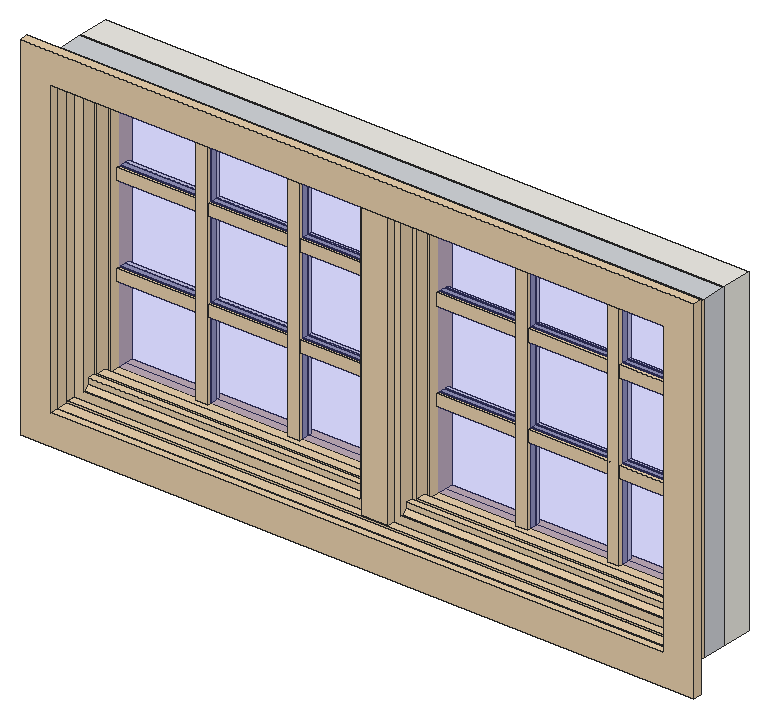
Revit family "1 Window-Awning-Andersen-400_Series_Twin", category Windows, host Wall, Revit 2014 (continued)
Dimensions and locks (in)
  "Wall Depth": host wall to plane 47 "Flange"
  "Void Depth": plane 51 "Exterior Offset" to Masking region 7 sketch curve  (x2)
  locked: plane 52 "Interior Casing" to host wall at 0.625
  locked: Extrusion 2 to host wall at 12
  "Rough Opening Offset": plane 24 "R Rough Opening" to plane 4 "R Frame"
  "Rough Opening Offset": plane 5 "L Frame" to plane 14 "L Rough Opening"
  "Xjamb 2": plane 13 "L Xjamb 2" to plane 5 "L Frame"
  "Xjamb 2": plane 4 "R Frame" to plane 23 "R Xjamb 2"
  locked: plane 4 "R Frame" to plane 59 "R Sash" at 0.58
  locked: plane 60 "L Sash" to plane 5 "L Frame" at 0.58
  locked: plane 47 "Flange" to plane 61 "Stop S1" at 3
  locked: plane 62 "T Sash" to plane 7 "T Frame" at 0.75
  locked: plane 63 "T Int Frame" to plane 7 "T Frame" at 1.11
  locked: plane 6 "B Frame" to plane 64 "B Int Frame" at 0.985
  locked: plane 65 "L Int Frame" to plane 5 "L Frame" at 1.109
  locked: plane 4 "R Frame" to plane 66 "R Int Frame" at 1.109
  locked: Extrusion 11 sketch curve to plane 20 "R Stop" at 0.188
  locked: Extrusion 11 sketch curve to plane 61 "Stop S1" at 1  (x2)
  locked: plane 10 "L Stop" to Extrusion 11 sketch curve at 0.188
  host wall to Extrusion 11 = 0' - 1 7/16"
  locked: plane 4 "R Frame" to Sweep 12 sketch curve at 1.09375
  "Step Jamb2": plane 49 "Frame S2" to Sweep 12 sketch curve
  "xjamb S1": host wall to plane 58 "Xjamb S1"
  "Head Stop Dim": plane 67 "T Stop" to plane 7 "T Frame"
  "Sill Stop Dim": plane 6 "B Frame" to plane 68 "B Stop"
  plane 64 "B Int Frame" to plane 62 "T Sash" = 1' - 10.265"
  locked: cut or joined group of Extrusion 10, Extrusion 11, Sweep 12, Extrusion 13, Extrusion 15 to Extrusion 10 sketch curve at 1.515
  locked: plane 48 "Sash1 S2" to Extrusion 10 sketch curve at 0.267
  locked: plane 48 "Sash1 S2" to Extrusion 10 sketch curve at 1
  locked: Extrusion 10 sketch curve to Extrusion 10 sketch curve at 0.077
  locked: Extrusion 10 sketch curve to Extrusion 10 sketch curve at 0.56794
  locked: Extrusion 10 sketch curve to Extrusion 10 sketch curve at 0.41084
  locked: Extrusion 10 sketch curve to Extrusion 10 sketch curve at 0.28306
  locked: Extrusion 10 sketch curve to Extrusion 10 sketch curve at 0.751
  locked: plane 48 "Sash1 S2" to Extrusion 10 sketch curve at 2
  locked: Extrusion 13 sketch curve to plane 63 "T Int Frame" at 0.795
  locked: Extrusion 13 sketch curve to plane 63 "T Int Frame" at 1.15563
  locked: plane 48 "Sash1 S2" to Extrusion 13 sketch curve at 1
  locked: Masking region 5 sketch curve to plane 6 "B Frame" at 0.1875
  locked: Extrusion 5 sketch curve to plane 6 "B Frame" at 0.1875
  "Step Jamb2": plane 49 "Frame S2" to Masking region 11 sketch curve
  locked: Extrusion 14 sketch curve to Extrusion 14 sketch curve at 0.69988
  locked: Extrusion 14 sketch curve to Extrusion 14 sketch curve at 2.312
  locked: Extrusion 15 sketch curve to Extrusion 15 sketch curve at 1  (x4)
  locked: Extrusion 15 sketch curve to Extrusion 15 sketch curve at 0.518
  locked: Extrusion 15 sketch curve to Extrusion 15 sketch curve at 0.36  (x2)
  locked: Extrusion 15 sketch curve to Extrusion 15 sketch curve at 0.531  (x2)
  locked: Extrusion 15 sketch curve to Extrusion 15 sketch curve at 1.95
  Extrusion 15 sketch curve to Extrusion 15 sketch curve = 0' - 0.518"
  equal spacing: Extrusion 14, plane 3 "Center (Left/Right)", Extrusion 14, locked at 0.34994 each
  equal spacing: Extrusion 15, plane 3 "Center (Left/Right)", Extrusion 15, locked at 1.866 each
  equal spacing: curve 313, plane 3 "Center (Left/Right)", curve 286, locked at 0.352 each
  group 11 to group 10 = 1' - 11.86394"
  group 10 to group 11 = 0' - 0"  (x2)
  equal spacing: nested 1, curve 260, nested 1
  equal spacing: nested 2, curve 258, nested 2
  locked: plane 40 "B Casing 1" to Masking region 5 sketch curve (angle 10.00°)
  locked: plane 40 "B Casing 1" to Masking region 6 sketch curve (angle 10.00°)
  locked: plane 40 "B Casing 1" to Extrusion 5 sketch curve (angle 10.00°)
  aligned and locked: level to plane 2
  aligned and locked: plane 7 "T Frame" to Extrusion 1 sketch curve
  aligned and locked: plane 5 "L Frame" to Extrusion 1 sketch curve
  aligned and locked: Extrusion 1 sketch curve to plane 4 "R Frame"
  aligned and locked: Extrusion 1 sketch curve to plane 6 "B Frame"
  aligned and locked: host wall to Extrusion 1
  aligned and locked: plane 47 "Flange" to Extrusion 1
  aligned and locked: Masking region 1 sketch curve to plane 46 "Frame S1"
  aligned and locked: Masking region 1 sketch curve to plane 4 "R Frame"
  aligned and locked: plane 5 "L Frame" to Masking region 1 sketch curve
  aligned and locked: plane 47 "Flange" to Masking region 2 sketch curve  (x2)
  aligned and locked: plane 4 "R Frame" to Masking region 2 sketch curve
  aligned and locked: plane 46 "Frame S1" to Masking region 2 sketch curve
  aligned and locked: Masking region 2 sketch curve to plane 5 "L Frame"
  aligned and locked: plane 17 "L Casing 4" to Masking region 2 sketch curve
  aligned and locked: Masking region 2 sketch curve to plane 44 "Casing S1"
  aligned and locked: plane 45 "Casing S2" to curve 1
  aligned and locked: plane 12 "L Casing 1" to curve 3
  aligned and locked: plane 46 "Frame S1" to curve 3
  aligned and locked: Masking region 2 sketch curve to plane 27 "R Casing 4"
  aligned and locked: plane 46 "Frame S1" to curve 8
  aligned and locked: Masking region 3 sketch curve to plane 4 "R Frame"
  aligned and locked: plane 5 "L Frame" to Masking region 3 sketch curve
  aligned and locked: Masking region 3 sketch curve to plane 51 "Exterior Offset"
  aligned and locked: plane 51 "Exterior Offset" to curve 9
  aligned and locked: plane 51 "Exterior Offset" to curve 10
  aligned and locked: host wall to curve 11
  aligned and locked: plane 7 "T Frame" to Masking region 4 sketch curve
  aligned and locked: Masking region 4 sketch curve to plane 6 "B Frame"
  aligned and locked: Masking region 4 sketch curve to plane 46 "Frame S1"
  aligned and locked: plane 46 "Frame S1" to Masking region 5 sketch curve
  aligned and locked: Masking region 5 sketch curve to plane 46 "Frame S1"
  aligned and locked: Masking region 5 sketch curve to plane 47 "Flange"
  aligned and locked: Masking region 5 sketch curve to plane 6 "B Frame"
  aligned and locked: plane 41 "B Casing 2" to Masking region 5 sketch curve
  aligned and locked: Masking region 6 sketch curve to plane 46 "Frame S1"
  aligned and locked: plane 44 "Casing S1" to Masking region 6 sketch curve
  aligned and locked: Masking region 6 sketch curve to plane 36 "T Casing 4"
  aligned and locked: Masking region 6 sketch curve to plane 47 "Flange"
  aligned and locked: plane 7 "T Frame" to Masking region 6 sketch curve
  aligned and locked: plane 45 "Casing S2" to curve 13
  aligned and locked: plane 31 "T Casing 1" to curve 15
  aligned and locked: plane 46 "Frame S1" to curve 15
  aligned and locked: plane 5 "L Frame" to curve 17
  aligned and locked: Masking region 3 sketch curve to host wall
  aligned and locked: plane 30 "T Xjamb 1" to Extrusion 3 sketch curve
  aligned and locked: plane 32 "T Xjamb 2" to Extrusion 3 sketch curve
  aligned and locked: Extrusion 3 sketch curve to plane 21 "R Xjamb 1"
  aligned and locked: Extrusion 3 sketch curve to plane 23 "R Xjamb 2"
  aligned and locked: plane 11 "L Xjamb 1" to Extrusion 3 sketch curve
  aligned and locked: plane 13 "L Xjamb 2" to Extrusion 3 sketch curve
  aligned and locked: Extrusion 3 sketch curve to plane 50 "B Xjamb 1"
  aligned and locked: Extrusion 3 sketch curve to plane 39 "B Xjamb 2"
  aligned and locked: plane 30 "T Xjamb 1" to Extrusion 4 sketch curve
  aligned and locked: plane 37 "T Int Casing" to Extrusion 4 sketch curve
  aligned and locked: Extrusion 4 sketch curve to plane 21 "R Xjamb 1"
  aligned and locked: Extrusion 4 sketch curve to plane 28 "R Int Casing"
  aligned and locked: plane 11 "L Xjamb 1" to Extrusion 4 sketch curve
  aligned and locked: plane 43 "L Int Casing" to Extrusion 4 sketch curve
  aligned and locked: Extrusion 4 sketch curve to plane 50 "B Xjamb 1"
  aligned and locked: Extrusion 4 sketch curve to plane 42 "B Int Casing"
  aligned and locked: Extrusion 4 to host wall
  aligned and locked: Extrusion 4 to plane 52 "Interior Casing"
  aligned and locked: plane 41 "B Casing 2" to Extrusion 5 sketch curve
  aligned and locked: plane 41 "B Casing 2" to Sweep 6 sketch curve  (x2)
  aligned and locked: plane 17 "L Casing 4" to Sweep 6 sketch curve  (x2)
  aligned and locked: Sweep 6 sketch curve to plane 27 "R Casing 4"
  aligned and locked: plane 36 "T Casing 4" to Sweep 6 sketch curve
  aligned and locked: plane 16 "L Casing 3" to Sweep 6 sketch curve
  aligned and locked: plane 45 "Casing S2" to Sweep 6 sketch curve
  aligned and locked: Sweep 6 sketch curve to plane 44 "Casing S1"
  aligned and locked: plane 47 "Flange" to Sweep 6 sketch curve
  aligned and locked: Sweep 6 sketch curve to plane 12 "L Casing 1"
  aligned and locked: Sweep 6 sketch curve to plane 45 "Casing S2"
  aligned and locked: plane 15 "L Casing 2" to Sweep 6 sketch curve
  aligned and locked: Extrusion 5 to plane 17 "L Casing 4"
  aligned and locked: plane 27 "R Casing 4" to Extrusion 5
  aligned and locked: plane 31 "T Casing 1" to Extrusion 7 sketch curve
  aligned and locked: plane 36 "T Casing 4" to Extrusion 7 sketch curve
  aligned and locked: plane 12 "L Casing 1" to Extrusion 7 sketch curve
  aligned and locked: plane 17 "L Casing 4" to Extrusion 7 sketch curve
  aligned and locked: Extrusion 7 sketch curve to plane 22 "R Casing 1"
  aligned and locked: Extrusion 7 sketch curve to plane 27 "R Casing 4"
  aligned and locked: Extrusion 7 sketch curve to plane 41 "B Casing 2"
  aligned and locked: plane 44 "Casing S1" to Extrusion 7
  aligned and locked: plane 47 "Flange" to Extrusion 7
  aligned and locked: Extrusion 5 sketch curve to plane 47 "Flange"
  aligned and locked: host wall to Masking region 7 sketch curve
  aligned and locked: plane 4 "R Frame" to Masking region 7 sketch curve
  aligned and locked: Masking region 7 sketch curve to plane 5 "L Frame"
  aligned and locked: plane 51 "Exterior Offset" to Masking region 7 sketch curve
  aligned and locked: plane 27 "R Casing 4" to Masking region 7 sketch curve
  aligned and locked: Masking region 7 sketch curve to plane 17 "L Casing 4"
  aligned and locked: host wall to curve 9
  aligned and locked: plane 7 "T Frame" to Extrusion 8 sketch curve
  aligned and locked: Extrusion 8 sketch curve to plane 4 "R Frame"
  aligned and locked: Extrusion 8 sketch curve to plane 6 "B Frame"
  aligned and locked: plane 5 "L Frame" to Extrusion 8 sketch curve
  aligned and locked: plane 29 "T Ext Frame" to Extrusion 8 sketch curve
  aligned and locked: Extrusion 8 sketch curve to plane 19 "R Ext Frame"
  aligned and locked: plane 9 "L Ext Frame" to Extrusion 8 sketch curve
  aligned and locked: Extrusion 8 sketch curve to plane 38 "B Ext Frame"
  aligned and locked: plane 46 "Frame S1" to Extrusion 8
  aligned and locked: plane 48 "Sash1 S2" to curve 8
  aligned and locked: plane 48 "Sash1 S2" to curve 7
  aligned and locked: plane 49 "Frame S2" to Masking region 1 sketch curve
  aligned and locked: plane 61 "Stop S1" to curve 69
  aligned and locked: plane 61 "Stop S1" to curve 67
  aligned and locked: Masking region 1 sketch curve to plane 49 "Frame S2"
  aligned and locked: plane 61 "Stop S1" to Masking region 4 sketch curve
  aligned and locked: plane 49 "Frame S2" to Masking region 4 sketch curve
  aligned and locked: Masking region 4 sketch curve to plane 49 "Frame S2"
  aligned and locked: Extrusion 8 to plane 48 "Sash1 S2"
  aligned and locked: plane 63 "T Int Frame" to Extrusion 9 sketch curve
  aligned and locked: plane 65 "L Int Frame" to Extrusion 9 sketch curve
  aligned and locked: Extrusion 9 sketch curve to plane 66 "R Int Frame"
  aligned and locked: Extrusion 9 sketch curve to plane 64 "B Int Frame"
  aligned and locked: Extrusion 9 sketch curve to plane 6 "B Frame"
  aligned and locked: Extrusion 9 sketch curve to plane 4 "R Frame"
  aligned and locked: plane 7 "T Frame" to Extrusion 9 sketch curve
  aligned and locked: plane 5 "L Frame" to Extrusion 9 sketch curve
  aligned and locked: plane 48 "Sash1 S2" to Extrusion 9
  aligned and locked: Extrusion 9 to plane 49 "Frame S2"
  aligned and locked: plane 66 "R Int Frame" to Extrusion 10
  aligned and locked: Extrusion 10 to plane 65 "L Int Frame"
  aligned and locked: Extrusion 11 sketch curve to plane 48 "Sash1 S2"
  aligned and locked: Extrusion 11 sketch curve to plane 66 "R Int Frame"
  aligned and locked: plane 61 "Stop S1" to Extrusion 11 sketch curve
  aligned and locked: plane 20 "R Stop" to Extrusion 11 sketch curve
  aligned and locked: plane 10 "L Stop" to Extrusion 11 sketch curve
  aligned and locked: plane 48 "Sash1 S2" to Extrusion 11 sketch curve
  aligned and locked: Extrusion 11 sketch curve to plane 65 "L Int Frame"
  aligned and locked: Extrusion 11 sketch curve to plane 61 "Stop S1"
  aligned and locked: plane 64 "B Int Frame" to Extrusion 11
  aligned and locked: Extrusion 11 to plane 63 "T Int Frame"
  aligned and locked: Masking region 1 sketch curve to plane 66 "R Int Frame"
  aligned and locked: Masking region 1 sketch curve to plane 65 "L Int Frame"
  aligned and locked: plane 7 "T Frame" to Sweep 12 sketch curve
  aligned and locked: plane 5 "L Frame" to Sweep 12 sketch curve
  aligned and locked: Sweep 12 sketch curve to plane 6 "B Frame"
  aligned and locked: Sweep 12 sketch curve to plane 4 "R Frame"
  aligned and locked: Sweep 12 sketch curve to plane 49 "Frame S2"
  aligned and locked: plane 58 "Xjamb S1" to Extrusion 3
  aligned and locked: host wall to Extrusion 3
  aligned and locked: Masking region 4 sketch curve to plane 63 "T Int Frame"
  aligned and locked: Masking region 4 sketch curve to plane 64 "B Int Frame"
  aligned and locked: plane 48 "Sash1 S2" to Extrusion 10 sketch curve
  aligned and locked: plane 64 "B Int Frame" to Extrusion 10 sketch curve
  aligned and locked: plane 4 "R Frame" to curve 96
  aligned and locked: plane 5 "L Frame" to curve 96
  aligned and locked: host wall to curve 96
  aligned and locked: Masking region 8 sketch curve to plane 58 "Xjamb S1"  (x2)
  aligned and locked: Masking region 8 sketch curve to Sweep 12  (x3)
  aligned and locked: Masking region 8 sketch curve to plane 63 "T Int Frame"
  aligned and locked: Masking region 8 sketch curve to plane 61 "Stop S1"
  aligned and locked: plane 64 "B Int Frame" to Masking region 8 sketch curve
  aligned and locked: Masking region 9 sketch curve to plane 32 "T Xjamb 2"
  aligned and locked: plane 58 "Xjamb S1" to Masking region 9 sketch curve  (x2)
  aligned and locked: plane 63 "T Int Frame" to Masking region 9 sketch curve
  aligned and locked: plane 61 "Stop S1" to Masking region 9 sketch curve
  aligned and locked: Masking region 9 sketch curve to plane 64 "B Int Frame"
  aligned and locked: plane 39 "B Xjamb 2" to Masking region 9 sketch curve
  aligned and locked: host wall to Masking region 9 sketch curve
  aligned and locked: host wall to Masking region 10 sketch curve
  aligned and locked: Masking region 10 sketch curve to plane 42 "B Int Casing"
  aligned and locked: plane 52 "Interior Casing" to Masking region 10 sketch curve
  aligned and locked: plane 37 "T Int Casing" to Masking region 10 sketch curve
  aligned and locked: plane 58 "Xjamb S1" to curve 100
  aligned and locked: Sweep 12 to curve 100
  aligned and locked: plane 64 "B Int Frame" to curve 100
  aligned and locked: plane 58 "Xjamb S1" to curve 101
  aligned and locked: host wall to curve 101
  aligned and locked: plane 50 "B Xjamb 1" to curve 101
  aligned and locked: plane 52 "Interior Casing" to curve 102
  aligned and locked: plane 50 "B Xjamb 1" to curve 102
  aligned and locked: plane 58 "Xjamb S1" to curve 97
  aligned and locked: Sweep 12 to curve 97
  aligned and locked: plane 63 "T Int Frame" to curve 97
  aligned and locked: plane 58 "Xjamb S1" to curve 98
  aligned and locked: host wall to curve 98
  aligned and locked: plane 30 "T Xjamb 1" to curve 98
  aligned and locked: plane 52 "Interior Casing" to curve 99
  aligned and locked: plane 30 "T Xjamb 1" to curve 99
  aligned and locked: Masking region 11 sketch curve to plane 58 "Xjamb S1"  (x2)
  aligned and locked: plane 66 "R Int Frame" to Masking region 11 sketch curve
  aligned and locked: Masking region 11 sketch curve to plane 61 "Stop S1"
  aligned and locked: Masking region 11 sketch curve to plane 65 "L Int Frame"
  aligned and locked: Masking region 11 sketch curve to Sweep 12  (x2)
  aligned and locked: Masking region 12 sketch curve to plane 58 "Xjamb S1"  (x2)
  aligned and locked: plane 66 "R Int Frame" to Masking region 12 sketch curve
  aligned and locked: Masking region 12 sketch curve to plane 61 "Stop S1"
  aligned and locked: Masking region 12 sketch curve to plane 65 "L Int Frame"
  aligned and locked: plane 13 "L Xjamb 2" to Masking region 12 sketch curve
  aligned and locked: Masking region 12 sketch curve to host wall
  aligned and locked: Masking region 12 sketch curve to plane 23 "R Xjamb 2"
  aligned and locked: host wall to Masking region 13 sketch curve
  aligned and locked: plane 43 "L Int Casing" to Masking region 13 sketch curve
  aligned and locked: plane 52 "Interior Casing" to Masking region 13 sketch curve
  aligned and locked: Masking region 13 sketch curve to plane 28 "R Int Casing"
  aligned and locked: plane 58 "Xjamb S1" to curve 106
  aligned and locked: Sweep 12 to curve 106
  aligned and locked: plane 65 "L Int Frame" to curve 106
  aligned and locked: plane 58 "Xjamb S1" to curve 107
  aligned and locked: host wall to curve 107
  aligned and locked: plane 11 "L Xjamb 1" to curve 107
  aligned and locked: plane 52 "Interior Casing" to curve 108
  aligned and locked: plane 11 "L Xjamb 1" to curve 108
  aligned and locked: plane 58 "Xjamb S1" to curve 103
  aligned and locked: Sweep 12 to curve 103
  aligned and locked: plane 66 "R Int Frame" to curve 103
  aligned and locked: plane 58 "Xjamb S1" to curve 104
  aligned and locked: host wall to curve 104
  aligned and locked: plane 21 "R Xjamb 1" to curve 104
  aligned and locked: plane 52 "Interior Casing" to curve 105
  aligned and locked: plane 21 "R Xjamb 1" to curve 105
  aligned and locked: plane 61 "Stop S1" to Masking region 1 sketch curve
  aligned and locked: Extrusion 13 sketch curve to plane 63 "T Int Frame"
  aligned and locked: plane 48 "Sash1 S2" to Extrusion 13 sketch curve
  aligned and locked: Extrusion 13 sketch curve to plane 61 "Stop S1"
  aligned and locked: Extrusion 13 to plane 65 "L Int Frame"
  aligned and locked: plane 66 "R Int Frame" to Extrusion 13
  aligned and locked: plane 4 "R Frame" to curve 18
  aligned and locked: plane 47 "Flange" to curve 18
  aligned and locked: plane 5 "L Frame" to curve 50
  aligned and locked: curve 50 to plane 47 "Flange"
  aligned and locked: plane 6 "B Frame" to curve 89
  aligned and locked: plane 47 "Flange" to curve 89
  aligned and locked: plane 7 "T Frame" to curve 88
  aligned and locked: plane 47 "Flange" to curve 88
  aligned and locked: plane 25 "R Casing 2" to curve 5
  aligned and locked: plane 45 "Casing S2" to curve 4
  aligned and locked: plane 26 "R Casing 3" to curve 4
  aligned and locked: plane 44 "Casing S1" to curve 4
  aligned and locked: plane 15 "L Casing 2" to curve 2
  aligned and locked: plane 16 "L Casing 3" to curve 1
  aligned and locked: plane 34 "T Casing 2" to curve 14
  aligned and locked: plane 35 "T Casing 3" to curve 13
  aligned and locked: plane 44 "Casing S1" to curve 13
  aligned and locked: Extrusion 5 sketch curve to plane 6 "B Frame"
  aligned and locked: Masking region 6 sketch curve to cut or joined group of Extrusion 5, Sweep 6
  aligned and locked: Extrusion 7 sketch curve to plane 6 "B Frame"
  aligned and locked: plane 44 "Casing S1" to curve 186
  aligned and locked: plane 47 "Flange" to curve 186
  aligned and locked: plane 49 "Frame S2" to curve 187
  aligned and locked: plane 44 "Casing S1" to curve 184
  aligned and locked: plane 47 "Flange" to curve 184
  aligned and locked: plane 49 "Frame S2" to curve 185
  aligned and locked: plane 17 "L Casing 4" to curve 186
  aligned and locked: plane 5 "L Frame" to curve 187
  aligned and locked: plane 27 "R Casing 4" to curve 184
  aligned and locked: plane 4 "R Frame" to curve 185
  aligned and locked: plane 47 "Flange" to curve 188
  aligned and locked: plane 36 "T Casing 4" to curve 188
  aligned and locked: plane 46 "Frame S1" to curve 189
  aligned and locked: plane 49 "Frame S2" to curve 189
  aligned and locked: plane 7 "T Frame" to curve 189
  aligned and locked: plane 44 "Casing S1" to curve 190
  aligned and locked: plane 47 "Flange" to curve 190
  aligned and locked: plane 41 "B Casing 2" to curve 190
  aligned and locked: plane 46 "Frame S1" to curve 191
  aligned and locked: plane 49 "Frame S2" to curve 191
  aligned and locked: plane 6 "B Frame" to curve 191
  aligned and locked: plane 47 "Flange" to curve 185
  aligned and locked: plane 47 "Flange" to curve 187
  aligned and locked: plane 19 "R Ext Frame" to curve 7
  aligned and locked: plane 19 "R Ext Frame" to curve 68
  aligned and locked: plane 9 "L Ext Frame" to curve 8
  aligned and locked: plane 9 "L Ext Frame" to curve 66
  aligned and locked: plane 38 "B Ext Frame" to nested 1
  aligned and locked: plane 9 "L Ext Frame" to nested 1
  aligned and locked: nested 1 to plane 48 "Sash1 S2"
  aligned and locked: Extrusion 8 to plane 38 "B Ext Frame"
  aligned and locked: curve 68 to plane 48 "Sash1 S2"
  aligned and locked: plane 48 "Sash1 S2" to curve 66
  aligned and locked: plane 46 "Frame S1" to Extrusion 14
  aligned and locked: plane 48 "Sash1 S2" to Extrusion 15
  aligned and locked: plane 38 "B Ext Frame" to Extrusion 14
  aligned and locked: Extrusion 14 to plane 29 "T Ext Frame"
  aligned and locked: plane 64 "B Int Frame" to Extrusion 15
  aligned and locked: Extrusion 15 to plane 63 "T Int Frame"
  aligned and locked: nested 2 to nested 2
  aligned and locked: plane 38 "B Ext Frame" to nested 2
  aligned and locked: plane 19 "R Ext Frame" to nested 2
  aligned and locked: curve 379 to curve 315
  aligned and locked: curve 380 to curve 286
  aligned and locked: curve 390 to curve 313
  aligned and locked: curve 389 to curve 311
  aligned and locked: curve 388 to curve 289
  aligned and locked: curve 387 to curve 316
  aligned and locked: curve 288 to curve 386
  aligned and locked: curve 318 to curve 385
  aligned and locked: curve 384 to curve 261
  aligned and locked: curve 383 to curve 317
  aligned and locked: curve 262 to curve 382
  aligned and locked: curve 381 to curve 284
  aligned and locked: curve 391 to curve 374
  aligned and locked: curve 392 to curve 345
  aligned and locked: curve 402 to curve 372
  aligned and locked: curve 401 to curve 370
  aligned and locked: curve 400 to curve 348
  aligned and locked: curve 399 to curve 375
  aligned and locked: curve 347 to curve 398
  aligned and locked: curve 377 to curve 397
  aligned and locked: curve 396 to curve 320
  aligned and locked: curve 395 to curve 376
  aligned and locked: curve 321 to curve 394
  aligned and locked: curve 393 to curve 343
  aligned and locked: curve 379 to plane 46 "Frame S1"
  aligned and locked: nested 2 to plane 48 "Sash1 S2"
  aligned and locked: curve 260 to cut or joined group of Extrusion 10, Extrusion 11, Sweep 12, Extrusion 13, Extrusion 15
  aligned and locked: nested 1 to curve 259
  aligned and locked: nested 2 to curve 257
  aligned and locked: plane 23 "R Xjamb 2" to curve 258
  aligned and locked: Extrusion 3 to curve 260
  aligned and locked: plane 39 "B Xjamb 2" to curve 258
  aligned and locked: plane 44 "Casing S1" to curve 16
  aligned and locked: plane 44 "Casing S1" to curve 17
Automatic sketch dimensions
  curve 16 to curve 16 = 0' - 0 3/16"
  curve 145 to curve 147 = 0' - 0.655"
  curve 147 to curve 70 = 0' - 1.549"
  curve 71 to curve 141 = 0' - 0.107"
  curve 141 to curve 77 = 0' - 0.066"
  curve 77 to curve 86 = 0' - 0.626"
  curve 74 to curve 140 = 0' - 0.844"
  curve 87 to curve 76 = 0' - 0.371"
  curve 80 to curve 79 = 0' - 0.313"
  curve 79 to curve 78 = 0' - 0.187"
  curve 78 to curve 144 = 0' - 0.07303"
  curve 148 to curve 145 = 0' - 0.345"
  curve 72 to curve 72 = 0' - 0.345"
  curve 142 to curve 71 = 0' - 0.549"
  curve 76 to curve 83 = 0' - 0.096"
  curve 70 to curve 88 = 0' - 0.451"
  curve 84 to curve 86 = 0' - 0.096"
  curve 143 to curve 143 = 0' - 0.23897"
  curve 77 to curve 87 = 0' - 0.0062"
  curve 77 to curve 147 = 0' - 0.109"
  curve 86 to curve 85 = 0' - 0.25024"
  curve 73 to curve 147 = 0' - 0.361"
  curve 85 to curve 85 = 0' - 0.23255"
  curve 76 to curve 139 = 0' - 0.053"
  curve 76 to curve 141 = 0' - 0.4378"
  curve 148 to curve 145 = 0' - 0.545"
  curve 71 to curve 74 = 0' - 0.174"
  curve 145 to curve 72 = 0' - 0 1/4"
  curve 74 to curve 80 = 0' - 0.281"
  curve 80 to curve 79 = 0' - 0.156"
  curve 74 to curve 70 = 0' - 0.533"
  curve 70 to curve 144 = 0' - 0.08989"
  curve 82 to curve 86 = 0' - 0.0062"
  curve 77 to curve 83 = 0' - 0"
  curve 82 to curve 84 = 0' - 0.13544"
  curve 73 to curve 81 = 0' - 0.081"
  curve 142 to curve 75 = 0' - 0.217"
  curve 70 to curve 88 = 0' - 0.653"
  curve 88 to curve 88 = 0' - 1 5/8"
  curve 175 to curve 151 = 0' - 0.196"
  curve 175 to curve 177 = 0' - 0.28306"
  curve 152 to curve 183 = 0' - 0.27094"
  curve 152 to curve 178 = 0' - 0.56794"
  curve 178 to curve 179 = 0' - 0.733"
  curve 179 to curve 180 = 0' - 0.267"
  curve 154 to curve 173 = 0' - 0.549"
  curve 150 to curve 169 = 0' - 0.107"
  curve 169 to curve 156 = 0' - 0.066"
  curve 156 to curve 166 = 0' - 0.626"
  curve 153 to curve 159 = 0' - 0.844"
  curve 166 to curve 164 = 0' - 0.371"
  curve 159 to curve 158 = 0' - 0.313"
  curve 158 to curve 158 = 0' - 0.187"
  curve 157 to curve 172 = 0' - 0.07303"
  curve 176 to curve 175 = 0' - 0.149"
  curve 151 to curve 151 = 0' - 0.345"
  curve 183 to curve 177 = 0' - 0.047"
  curve 156 to curve 163 = 0' - 0.096"
  curve 149 to curve 89 = 0' - 0.451"
  curve 161 to curve 166 = 0' - 0.096"
  curve 171 to curve 171 = 0' - 0.23897"
  curve 171 to curve 149 = 0' - 0.08989"
  curve 149 to curve 158 = 0' - 0.096"
  curve 158 to curve 168 = 0' - 0.156"
  curve 149 to curve 151 = 0' - 0.457"
  curve 159 to curve 153 = 0' - 0.281"
  curve 153 to curve 173 = 0' - 0.174"
  curve 150 to curve 170 = 0' - 0.0882"
  curve 150 to curve 154 = 0' - 0.217"
  curve 173 to curve 175 = 0' - 0.437"
  curve 153 to curve 167 = 0' - 0.647"
  curve 169 to curve 155 = 0' - 0.4378"
  curve 175 to curve 183 = 0' - 0.267"
  curve 155 to curve 165 = 0' - 0.23255"
  curve 182 to curve 152 = 0' - 0.07316"
  curve 154 to curve 154 = 0' - 0.768"
  curve 164 to curve 165 = 0' - 0.25024"
  curve 155 to curve 160 = 0' - 0.489"
  curve 182 to curve 178 = 0' - 0.484"
  curve 154 to curve 179 = 0' - 0.28"
  curve 89 to curve 149 = 0' - 2.153"
  curve 89 to curve 149 = 0' - 0.528"
  curve 163 to curve 156 = 0' - 0.13544"
  curve 160 to curve 154 = 0' - 0.095"
  curve 181 to curve 177 = 0' - 0.296"
  curve 165 to curve 161 = 0' - 0.0062"
  curve 156 to curve 162 = 0' - 0"
  curve 109 to curve 109 = 0' - 0.05924"
  curve 109 to curve 24 = 0' - 0.094"
  curve 109 to curve 23 = 0' - 0.1128"
  curve 23 to curve 21 = 0' - 0.02383"
  curve 21 to curve 21 = 0' - 0.12559"
  curve 23 to curve 113 = 0' - 0.30812"
  curve 21 to curve 116 = 0' - 0.30153"
  curve 22 to curve 111 = 0' - 0.25884"
  curve 22 to curve 25 = 0' - 0.6057"
  curve 111 to curve 27 = 0' - 0.4"
  curve 19 to curve 90 = 0' - 0.531"
  curve 90 to curve 90 = 0' - 0.36"
  curve 26 to curve 26 = 0' - 0 5/8"
  curve 27 to curve 27 = 0' - 0 5/8"
  curve 18 to curve 109 = 0' - 2.04524"
  curve 18 to curve 109 = 0' - 0.54524"
  curve 115 to curve 111 = 0' - 0.291"
  curve 40 to curve 41 = 0' - 0.35617"
  curve 46 to curve 26 = 0' - 0.12475"
  curve 45 to curve 27 = 0' - 0"
  curve 44 to curve 26 = 0' - 0"
  curve 20 to curve 115 = 0' - 1.0675"
  curve 115 to curve 116 = 0' - 0.527"
  curve 20 to curve 28 = 0' - 0.722"
  curve 19 to curve 111 = 0' - 0.291"
  curve 27 to curve 26 = 0' - 0.626"
  curve 22 to curve 110 = 0' - 0.557"
  curve 21 to curve 113 = 0' - 0 1/8"
  curve 26 to curve 136 = 0' - 0.402"
  curve 23 to curve 109 = 0' - 0.275"
  curve 109 to curve 23 = 0' - 0.038"
  curve 40 to curve 136 = 0' - 0 1/4"
  curve 91 to curve 90 = 0' - 0.9325"
  curve 19 to curve 91 = 0' - 0"
  curve 27 to curve 45 = 0' - 0.096"
  curve 18 to curve 109 = 0' - 0 3/8"
  curve 44 to curve 26 = 0' - 0.096"
  curve 24 to curve 133 = 0' - 0.312"
  curve 117 to curve 117 = 0' - 0.05924"
  curve 117 to curve 35 = 0' - 0.094"
  curve 117 to curve 34 = 0' - 0.1128"
  curve 34 to curve 32 = 0' - 0.02383"
  curve 32 to curve 32 = 0' - 0.12559"
  curve 34 to curve 121 = 0' - 0.30812"
  curve 32 to curve 124 = 0' - 0.30153"
  curve 33 to curve 119 = 0' - 0.25884"
  curve 33 to curve 36 = 0' - 0.6057"
  curve 119 to curve 38 = 0' - 0.4"
  curve 30 to curve 92 = 0' - 0.531"
  curve 92 to curve 92 = 0' - 0.36"
  curve 37 to curve 37 = 0' - 0 5/8"
  curve 38 to curve 38 = 0' - 0 5/8"
  curve 29 to curve 117 = 0' - 2.04524"
  curve 29 to curve 117 = 0' - 0.54524"
  curve 123 to curve 119 = 0' - 0.291"
  curve 42 to curve 43 = 0' - 0.35617"
  curve 49 to curve 37 = 0' - 0.12475"
  curve 48 to curve 38 = 0' - 0"
  curve 47 to curve 37 = 0' - 0"
  curve 31 to curve 123 = 0' - 1.0675"
  curve 123 to curve 124 = 0' - 0.527"
  curve 31 to curve 39 = 0' - 0.722"
  curve 30 to curve 119 = 0' - 0.291"
  curve 38 to curve 37 = 0' - 0.626"
  curve 33 to curve 118 = 0' - 0.557"
  curve 32 to curve 121 = 0' - 0 1/8"
  curve 37 to curve 137 = 0' - 0.402"
  curve 34 to curve 117 = 0' - 0.275"
  curve 117 to curve 34 = 0' - 0.038"
  curve 42 to curve 137 = 0' - 0 1/4"
  curve 93 to curve 92 = 0' - 0.9325"
  curve 30 to curve 93 = 0' - 0"
  curve 38 to curve 48 = 0' - 0.096"
  curve 29 to curve 117 = 0' - 0 3/8"
  curve 47 to curve 37 = 0' - 0.096"
  curve 35 to curve 134 = 0' - 0.312"
  curve 125 to curve 125 = 0' - 0.05924"
  curve 125 to curve 56 = 0' - 0.094"
  curve 125 to curve 55 = 0' - 0.1128"
  curve 55 to curve 53 = 0' - 0.02383"
  curve 53 to curve 53 = 0' - 0.12559"
  curve 55 to curve 129 = 0' - 0.30812"
  curve 53 to curve 132 = 0' - 0.30153"
  curve 54 to curve 127 = 0' - 0.25884"
  curve 54 to curve 57 = 0' - 0.6057"
  curve 127 to curve 59 = 0' - 0.4"
  curve 51 to curve 94 = 0' - 0.531"
  curve 94 to curve 94 = 0' - 0.36"
  curve 58 to curve 58 = 0' - 0 5/8"
  curve 59 to curve 59 = 0' - 0 5/8"
  curve 50 to curve 125 = 0' - 2.04524"
  curve 50 to curve 125 = 0' - 0.54524"
  curve 131 to curve 127 = 0' - 0.291"
  curve 61 to curve 62 = 0' - 0.35617"
  curve 65 to curve 58 = 0' - 0.12475"
  curve 64 to curve 59 = 0' - 0"
  curve 63 to curve 58 = 0' - 0"
  curve 131 to curve 52 = 0' - 1.0675"
  curve 132 to curve 131 = 0' - 0.527"
  curve 60 to curve 52 = 0' - 0.722"
  curve 127 to curve 51 = 0' - 0.291"
  curve 58 to curve 59 = 0' - 0.626"
  curve 126 to curve 54 = 0' - 0.557"
  curve 129 to curve 53 = 0' - 0 1/8"
  curve 138 to curve 58 = 0' - 0.402"
  curve 125 to curve 55 = 0' - 0.275"
  curve 55 to curve 125 = 0' - 0.038"
  curve 138 to curve 61 = 0' - 0 1/4"
  curve 94 to curve 95 = 0' - 0.9325"
  curve 51 to curve 95 = 0' - 0"
  curve 64 to curve 59 = 0' - 0.096"
  curve 125 to curve 50 = 0' - 0 3/8"
  curve 58 to curve 63 = 0' - 0.096"
  curve 135 to curve 56 = 0' - 0.312"
  curve 219 to curve 195 = 0' - 0.196"
  curve 219 to curve 221 = 0' - 0.28306"
  curve 196 to curve 227 = 0' - 0.27094"
  curve 196 to curve 222 = 0' - 0.56794"
  curve 222 to curve 223 = 0' - 0.733"
  curve 223 to curve 224 = 0' - 0.267"
  curve 198 to curve 217 = 0' - 0.549"
  curve 194 to curve 213 = 0' - 0.107"
  curve 213 to curve 200 = 0' - 0.066"
  curve 200 to curve 210 = 0' - 0.626"
  curve 197 to curve 203 = 0' - 0.844"
  curve 210 to curve 208 = 0' - 0.371"
  curve 203 to curve 202 = 0' - 0.313"
  curve 202 to curve 202 = 0' - 0.187"
  curve 201 to curve 216 = 0' - 0.07303"
  curve 220 to curve 219 = 0' - 0.149"
  curve 195 to curve 195 = 0' - 0.345"
  curve 227 to curve 221 = 0' - 0.047"
  curve 200 to curve 207 = 0' - 0.096"
  curve 193 to curve 192 = 0' - 0.451"
  curve 205 to curve 210 = 0' - 0.096"
  curve 215 to curve 215 = 0' - 0.23897"
  curve 215 to curve 193 = 0' - 0.08989"
  curve 193 to curve 202 = 0' - 0.096"
  curve 202 to curve 212 = 0' - 0.156"
  curve 193 to curve 195 = 0' - 0.457"
  curve 203 to curve 197 = 0' - 0.281"
  curve 197 to curve 217 = 0' - 0.174"
  curve 194 to curve 214 = 0' - 0.0882"
  curve 194 to curve 198 = 0' - 0.217"
  curve 217 to curve 219 = 0' - 0.437"
  curve 197 to curve 211 = 0' - 0.647"
  curve 213 to curve 199 = 0' - 0.4378"
  curve 219 to curve 227 = 0' - 0.267"
  curve 199 to curve 209 = 0' - 0.23255"
  curve 226 to curve 196 = 0' - 0.07316"
  curve 198 to curve 198 = 0' - 0.768"
  curve 208 to curve 209 = 0' - 0.25024"
  curve 199 to curve 204 = 0' - 0.489"
  curve 226 to curve 222 = 0' - 0.484"
  curve 198 to curve 223 = 0' - 0.28"
  curve 192 to curve 193 = 0' - 2.153"
  curve 192 to curve 193 = 0' - 0.528"
  curve 207 to curve 200 = 0' - 0.13544"
  curve 204 to curve 198 = 0' - 0.095"
  curve 225 to curve 221 = 0' - 0.296"
  curve 209 to curve 205 = 0' - 0.0062"
  curve 200 to curve 206 = 0' - 0"
  curve 253 to curve 255 = 0' - 0.655"
  curve 255 to curve 228 = 0' - 1.549"
  curve 229 to curve 249 = 0' - 0.107"
  curve 249 to curve 235 = 0' - 0.066"
  curve 235 to curve 244 = 0' - 0.626"
  curve 232 to curve 248 = 0' - 0.844"
  curve 245 to curve 234 = 0' - 0.371"
  curve 238 to curve 237 = 0' - 0.313"
  curve 237 to curve 236 = 0' - 0.187"
  curve 236 to curve 252 = 0' - 0.07303"
  curve 256 to curve 253 = 0' - 0.345"
  curve 230 to curve 230 = 0' - 0.345"
  curve 250 to curve 229 = 0' - 0.549"
  curve 234 to curve 241 = 0' - 0.096"
  curve 228 to curve 246 = 0' - 0.451"
  curve 242 to curve 244 = 0' - 0.096"
  curve 251 to curve 251 = 0' - 0.23897"
  curve 235 to curve 245 = 0' - 0.0062"
  curve 235 to curve 255 = 0' - 0.109"
  curve 244 to curve 243 = 0' - 0.25024"
  curve 231 to curve 255 = 0' - 0.361"
  curve 243 to curve 243 = 0' - 0.23255"
  curve 234 to curve 247 = 0' - 0.053"
  curve 234 to curve 249 = 0' - 0.4378"
  curve 256 to curve 253 = 0' - 0.545"
  curve 229 to curve 232 = 0' - 0.174"
  curve 253 to curve 230 = 0' - 0 1/4"
  curve 232 to curve 238 = 0' - 0.281"
  curve 238 to curve 237 = 0' - 0.156"
  curve 232 to curve 228 = 0' - 0.533"
  curve 228 to curve 252 = 0' - 0.08989"
  curve 240 to curve 244 = 0' - 0.0062"
  curve 235 to curve 241 = 0' - 0"
  curve 240 to curve 242 = 0' - 0.13544"
  curve 231 to curve 239 = 0' - 0.081"
  curve 250 to curve 233 = 0' - 0.217"
  curve 228 to curve 246 = 0' - 0.653"
  curve 246 to curve 246 = 0' - 1 5/8"
  curve 278 to curve 278 = 0' - 0.40436"
  curve 278 to curve 266 = 0' - 0.24385"
  curve 278 to curve 265 = 0' - 0.16837"
  curve 265 to curve 263 = 0' - 0.12725"
  curve 263 to curve 263 = 0' - 0.85725"
  curve 265 to curve 282 = 0' - 0.30812"
  curve 263 to curve 285 = 0' - 0.30153"
  curve 264 to curve 280 = 0' - 0.25884"  (x2)
  curve 264 to curve 267 = 0' - 0.78541"
  curve 280 to curve 269 = 0' - 0.41136"
  curve 261 to curve 276 = 0' - 1.54464"
  curve 276 to curve 276 = 0' - 0.36"
  curve 268 to curve 268 = 0' - 0 5/8"
  curve 269 to curve 269 = 0' - 0 5/8"
  curve 284 to curve 280 = 0' - 0.291"  (x2)
  curve 271 to curve 272 = 0' - 0.35617"
  curve 275 to curve 268 = 0' - 0.15741"
  curve 274 to curve 269 = 0' - 0.096"
  curve 273 to curve 268 = 0' - 0.096"  (x2)
  curve 262 to curve 284 = 0' - 1.0675"
  curve 284 to curve 285 = 0' - 0.60717"
  curve 262 to curve 270 = 0' - 0.76406"
  curve 261 to curve 280 = 0' - 0.31327"
  curve 269 to curve 268 = 0' - 0.626"  (x2)
  curve 264 to curve 279 = 0' - 0.69816"
  curve 263 to curve 282 = 0' - 0.31056"
  curve 268 to curve 287 = 0' - 0.402"  (x2)
  curve 265 to curve 278 = 0' - 0.32438"
  curve 278 to curve 265 = 0' - 0.10139"
  curve 271 to curve 287 = 0' - 0.25559"
  curve 277 to curve 276 = 0' - 0.9325"
  curve 261 to curve 277 = 0' - 0.74181"
  curve 269 to curve 274 = 0' - 0.096"  (x2)
  curve 266 to curve 286 = 0' - 0.32585"
  curve 295 to curve 296 = 0' - 0"
  curve 297 to curve 297 = 0' - 0 1/4"
  curve 295 to curve 299 = 0' - 0.26883"
  curve 289 to curve 304 = 0' - 0.36"
  curve 299 to curve 298 = 0' - 0.35617"
  curve 298 to curve 294 = 0' - 0.05314"
  curve 301 to curve 310 = 0' - 0.4"
  curve 307 to curve 288 = 0' - 0.116"
  curve 288 to curve 290 = 0' - 0.30153"
  curve 291 to curve 290 = 0' - 0.28429"
  curve 306 to curve 309 = 0' - 0.02383"
  curve 292 to curve 292 = 0' - 0.07804"
  curve 290 to curve 306 = 0' - 0.13663"
  curve 292 to curve 313 = 0' - 0.094"
  curve 286 to curve 278 = 0' - 0.05924"
  curve 278 to curve 267 = 0' - 0.094"
  curve 278 to curve 265 = 0' - 0.1128"
  curve 265 to curve 263 = 0' - 0.02383"
  curve 263 to curve 285 = 0' - 0.12559"
  curve 263 to curve 283 = 0' - 0.1587"
  curve 263 to curve 261 = 0' - 0.30153"
  curve 264 to curve 267 = 0' - 0.6057"
  curve 280 to curve 271 = 0' - 0.4"
  curve 317 to curve 317 = 0' - 0.531"
  curve 271 to curve 281 = 0' - 0.35617"
  curve 269 to curve 284 = 0' - 0 3/8"
  curve 272 to curve 272 = 0' - 0.26883"
  curve 269 to curve 270 = 0' - 0 5/8"
  curve 288 to curve 304 = 0' - 0.518"
  curve 261 to curve 317 = 0' - 0.518"
  curve 304 to curve 304 = 0' - 0.9325"
  curve 277 to curve 262 = 0' - 0.9325"
  curve 276 to curve 262 = 0' - 1.0675"
  curve 284 to curve 285 = 0' - 0.527"
  curve 261 to curve 271 = 0' - 0.195"
  curve 288 to curve 298 = 0' - 0.195"
  curve 288 to curve 310 = 0' - 0.291"
  curve 261 to curve 283 = 0' - 0.291"
  curve 296 to curve 295 = 0' - 0.626"
  curve 310 to curve 306 = 0' - 0.557"
  curve 283 to curve 279 = 0' - 0.557"
  curve 306 to curve 309 = 0' - 0 1/8"
  curve 279 to curve 282 = 0' - 0 1/8"
  curve 295 to curve 299 = 0' - 0.402"
  curve 265 to curve 286 = 0' - 0.275"
  curve 292 to curve 305 = 0' - 0.275"
  curve 286 to curve 265 = 0' - 0.038"
  curve 313 to curve 293 = 0' - 0.038"
  curve 293 to curve 294 = 0' - 0.187"
  curve 287 to curve 267 = 0' - 0 1/4"
  curve 293 to curve 315 = 0' - 0.312"
  curve 301 to curve 296 = 0' - 0"
  curve 300 to curve 299 = 0' - 0"
  curve 301 to curve 302 = 0' - 0.12475"
  curve 307 to curve 311 = 0' - 0.291"
  curve 275 to curve 272 = 0' - 0.12475"
  curve 273 to curve 272 = 0' - 0"
  curve 274 to curve 269 = 0' - 0"
  curve 317 to curve 319 = 0' - 0.1695"
  curve 296 to curve 302 = 0' - 0.096"
  curve 300 to curve 299 = 0' - 0.096"
  curve 275 to curve 272 = 0' - 0.096"
  curve 354 to curve 355 = 0' - 0"
  curve 356 to curve 356 = 0' - 0 1/4"
  curve 354 to curve 358 = 0' - 0.26883"
  curve 348 to curve 363 = 0' - 0.36"
  curve 358 to curve 357 = 0' - 0.35617"
  curve 357 to curve 353 = 0' - 0.05314"
  curve 360 to curve 369 = 0' - 0.4"
  curve 366 to curve 347 = 0' - 0.116"
  curve 347 to curve 349 = 0' - 0.30153"
  curve 350 to curve 349 = 0' - 0.28429"
  curve 365 to curve 368 = 0' - 0.02383"
  curve 351 to curve 351 = 0' - 0.07804"
  curve 349 to curve 365 = 0' - 0.13663"
  curve 351 to curve 372 = 0' - 0.094"
  curve 345 to curve 337 = 0' - 0.05924"
  curve 337 to curve 326 = 0' - 0.094"
  curve 337 to curve 324 = 0' - 0.1128"
  curve 324 to curve 322 = 0' - 0.02383"
  curve 322 to curve 344 = 0' - 0.12559"
  curve 322 to curve 342 = 0' - 0.1587"
  curve 322 to curve 320 = 0' - 0.30153"
  curve 323 to curve 339 = 0' - 0.25884"
  curve 323 to curve 326 = 0' - 0.6057"
  curve 339 to curve 330 = 0' - 0.4"
  curve 376 to curve 376 = 0' - 0.531"
  curve 330 to curve 340 = 0' - 0.35617"
  curve 328 to curve 343 = 0' - 0 3/8"
  curve 331 to curve 331 = 0' - 0.26883"
  curve 328 to curve 329 = 0' - 0 5/8"
  curve 347 to curve 363 = 0' - 0.518"
  curve 320 to curve 376 = 0' - 0.518"
  curve 363 to curve 363 = 0' - 0.9325"
  curve 336 to curve 321 = 0' - 0.9325"
  curve 335 to curve 321 = 0' - 1.0675"
  curve 343 to curve 344 = 0' - 0.527"
  curve 320 to curve 330 = 0' - 0.195"
  curve 347 to curve 357 = 0' - 0.195"
  curve 347 to curve 369 = 0' - 0.291"
  curve 320 to curve 342 = 0' - 0.291"
  curve 328 to curve 327 = 0' - 0.626"
  curve 355 to curve 354 = 0' - 0.626"
  curve 369 to curve 365 = 0' - 0.557"
  curve 342 to curve 338 = 0' - 0.557"
  curve 365 to curve 368 = 0' - 0 1/8"
  curve 338 to curve 341 = 0' - 0 1/8"
  curve 354 to curve 358 = 0' - 0.402"
  curve 327 to curve 346 = 0' - 0.402"
  curve 324 to curve 345 = 0' - 0.275"
  curve 351 to curve 364 = 0' - 0.275"
  curve 345 to curve 324 = 0' - 0.038"
  curve 372 to curve 352 = 0' - 0.038"
  curve 352 to curve 353 = 0' - 0.187"
  curve 346 to curve 326 = 0' - 0 1/4"
  curve 352 to curve 374 = 0' - 0.312"
  curve 360 to curve 355 = 0' - 0"
  curve 359 to curve 358 = 0' - 0"
  curve 360 to curve 361 = 0' - 0.12475"
  curve 366 to curve 370 = 0' - 0.291"
  curve 343 to curve 339 = 0' - 0.291"
  curve 334 to curve 331 = 0' - 0.12475"
  curve 332 to curve 331 = 0' - 0"
  curve 333 to curve 328 = 0' - 0"
  curve 376 to curve 378 = 0' - 0.1695"
  curve 328 to curve 333 = 0' - 0.096"
  curve 355 to curve 361 = 0' - 0.096"
  curve 359 to curve 358 = 0' - 0.096"
  curve 334 to curve 331 = 0' - 0.096"
  curve 307 to curve 310 = 0' - 0.25884"
  curve 311 to curve 312 = 0' - 0.527"
  curve 366 to curve 369 = 0' - 0.25884"
  curve 370 to curve 371 = 0' - 0.527"
  curve 389 to curve 380 = 0' - 0.704"
  curve 384 to curve 319 = 0' - 0.1695"
  curve 386 to curve 319 = 0' - 0.1695"
  curve 380 to curve 389 = 0' - 0"
  curve 401 to curve 392 = 0' - 0.704"
  curve 396 to curve 378 = 0' - 0.1695"
  curve 398 to curve 378 = 0' - 0.1695"
  curve 392 to curve 401 = 0' - 0"
  curve 188 to plane 44 "Casing S1" = 0' - 0"
  curve 69 to plane 20 "R Stop" = 0' - 0"
  curve 66 to plane 10 "L Stop" = 0' - 0"
  plane 11 "L Xjamb 1" to curve 260 = 0' - 0"
  curve 258 to plane 67 "T Stop" = 0' - 0"
  curve 257 to plane 3 "Center (Left/Right)" = 0' - 0.34994"
  plane 3 "Center (Left/Right)" to curve 259 = 0' - 0.34994"
  plane 68 "B Stop" to Extrusion 10 sketch curve = 0' - 0.28"
  Sweep 12 sketch curve to profile plane = 0' - 0"
  Extrusion 14 sketch curve to plane 46 "Frame S1" = 0' - 0"
  Extrusion 14 sketch curve to plane 3 "Center (Left/Right)" = 0' - 0.34994"
  Extrusion 15 sketch curve to plane 48 "Sash1 S2" = 0' - 0"
  Extrusion 15 sketch curve to plane 3 "Center (Left/Right)" = 0' - 1.866"
  curve 1 to plane 44 "Casing S1" = 0' - 0"
  curve 7 to plane 46 "Frame S1" = 0' - 0"
  curve 6 to plane 22 "R Casing 1" = 0' - 0"
  curve 6 to plane 46 "Frame S1" = 0' - 0"
  curve 17 to plane 46 "Frame S1" = 0' - 0"
  curve 16 to plane 4 "R Frame" = 0' - 0"
  curve 16 to plane 46 "Frame S1" = 0' - 0"
  host wall to curve 10 = 0' - 0"
  curve 9 to plane 20 "R Stop" = 0' - 0"
  curve 12 to plane 10 "L Stop" = 0' - 0"
Nested families (in)
  nested 1: "Andersen_Sash_Panel" at (23.514, 2.5625, 58.81311) x (-1, 0, 0) z (0, 0, 1), type "Andersen_Sash_Panel"
    with Material_Top_Setback 0' - 0 1/32", Material_Right_Setback 0' - 0 1/32", Material_Left_Setback 0' - 0 1/32", Material_Bottom_Setback 0' - 0 1/32", SingleHorzLocation 0' - 9 11/16", Rail_Top 0' - 1 13/16", Panel_Height 1' - 10 7/8", DLOVertical 0' - 5 7/8", BottomBarLocation 0' - 9 1/4", BarLengthVertical 1' - 7 3/8"
  nested 2: "Andersen_Sash_Panel" at (-0.34994, 2.5625, 58.81311) x (-1, 0, 0) z (0, 0, 1), type "Andersen_Sash_Panel"
    with Material_Top_Setback 0' - 0 1/32", Material_Right_Setback 0' - 0 1/32", Material_Left_Setback 0' - 0 1/32", Material_Bottom_Setback 0' - 0 1/32", SingleHorzLocation 0' - 9 11/16", Rail_Top 0' - 1 13/16", Panel_Height 1' - 10 7/8", DLOVertical 0' - 5 7/8", BottomBarLocation 0' - 9 1/4", BarLengthVertical 1' - 7 3/8"
Definition of nested family "Andersen_Sash_Panel"
  Parameters (values of type "Andersen_Sash_Panel")
    VertBarQuantity = if(LightsWide < 3, 2, LightsWide - 1)  # 2
    TFL = if(Fractional_Lights_High > 5, 3, if(or(Fractional_Lights_High = 4, Fractional_Lights_High = 5), 2, if(or(Fractional_Lights_High = 2, Fractional_Lights_High = 3), 1, 1)))  # 2
    TFB = TFL - 1  # 1
    Stile_Right = 0' - 1 3/4"
    Stile_Left = 0' - 1 3/4"
    StandardLightsHigh = 3
    SingleVertLocation = (Panel_Width - Stile_Right - Stile_Left) / 2  # 0' - 9 213/256"
    SingleVertBarVisibility = LightsWide = 2  # no
    SingleHorzLocation = (BarLengthVertical) / 2  # 1' - 3 23/32"
    SingleHorBarVisibility = or(or(or(and(LightsHigh = 2, PatternNumber = 1), and(PatternNumber = 4, Fractional_Lights_High > 1)), and(PatternNumber = 5, Fractional_Lights_High > 1)), and(PatternNumber = 2, Fractional_Lights_High > 1))  # no
    S H Fractional = and(PatternNumber = 2, or(Fractional_Lights_High = 4, Fractional_Lights_High = 5))  # no
    Rail_Top = 0' - 1 3/4"
    Rail_Bottom = 0' - 1 11/16"
    PatternNumber = 1
    Panel_Width = 1' - 11 21/128"
    Panel_Thickness = 0' - 2"
    Panel_Height = 2' - 10 7/8"
    MultipleVertBar Visibility = and(not(PatternNumber = 0), LightsWide > 2)  # yes
    MultipleHorBarVisibility = or(or(PatternNumber = 3, and(LightsHigh > 2, PatternNumber = 1)), and(PatternNumber = 2, Fractional_Lights_High > 5))  # yes
    Material_Top_Setback [instance] = 0' - 0 1/32"
    Material_Right_Setback [instance] = 0' - 0 1/32"
    Material_Left_Setback [instance] = 0' - 0 1/32"
    Material_Interior = Wood - Andersen - Pine
    Material_Exterior = Vinyl - Andersen - White
    Material_Bottom_Setback [instance] = 0' - 0 1/32"
    LightsWide = if(PatternNumber = 3, 3, [- Lights Wide])  # 3
    LightsHigh = if(PatternNumber = 2, [- Lights High] - 1, if(PatternNumber = 3, 3, [- Lights High]))  # 3
    Interior Bar Thickness = 0' - 0 23/64"
    HorBarQuantity = if(LightsHigh < 3, 2, LightsHigh - 1)  # 2
    GrilleBarSizeInt = 4
    GrilleBarSize = 0' - 0 7/8"
    Glazing = Glass ‐ Andersen - Low-E4 SmartSun
    Glass SetBack = 0' - 0 167/256"
    Glass Pane Thickness = 0' - 0 3/32"
    Glass OA Thickness = 0' - 0 5/8"
    Fractional_Lights_Wide = 3
    Fractional_Lights_High = 5
    Exterior Bar Thickness = 0' - 0 77/256"
    DLOVertical = if(PatternNumber = 1, if(LightsHigh > 2, ((BarLengthVertical - (GrilleBarSize * (LightsHigh - 1))) / LightsHigh), 0' 4"), if(PatternNumber = 3, 0' 4", if(Fractional_Lights_High > 2, ((BarLengthVertical - (GrilleBarSize * 2)) / 3), 0' 4")))  # 0' - 9.89583"
    DLOHorizontal = if(PatternNumber = 3, 0' 4", ((Panel_Width - Stile_Right - Stile_Left) - (GrilleBarSize * VertBarQuantity)) / if(LightsWide > 2, LightsWide, 3))  # 0' - 5.97135"
    BottomBarVisibility = and(PatternNumber = 2, or(Fractional_Lights_High = 4, Fractional_Lights_High = 5))  # no
    BottomBarLocation = if(PatternNumber = 1, ((Panel_Height - Rail_Top - Rail_Bottom) / 2) - (GrilleBarSize / 2), BarLengthVertical)  # 1' - 3 9/32"
    Between Glass Grille Bar Color = Stainless Steel - Andersen - Standard
    BarLengthVertical = if(or(PatternNumber = 5, PatternNumber = 2), ((((Panel_Height - Rail_Top - Rail_Bottom - (GrilleBarSize * (Fractional_Lights_High - 1))) / Fractional_Lights_High)) * TFL) + (TFB * GrilleBarSize) + Rail_Top, if(PatternNumber = 4, ((Panel_Height - Rail_Top - Rail_Bottom - (GrilleBarSize * (Fractional_Lights_High - 1))) / Fractional_Lights_High), Panel_Height - Rail_Top - Rail_Bottom))  # 2' - 7 7/16"
    BarLengthHorizontal = Panel_Width - Stile_Right - Stile_Left  # 1' - 7 85/128"
    BarIntVisibility = yes
    BarExtVisibility = yes
    BarBetweenGlassVisibility = yes
    Analytic Construction = "<None>"
    - Lights Wide = 3
    - Lights High = 3
  Reference planes (in)
    plane 1 "Front": y = 0
    plane 2 "Bottom": z = 0
    plane 3 "Left": x = 0
    plane 4 "Top": z = 34.875
    plane 5 "Right": x = 23.16406
    plane 6 "Glazing Left": x = 1.75
    plane 7 "Glazing Bottom": z = 1.6875
    plane 8 "Glazing Right": x = 21.41406
    plane 9 "Glazing Top": z = 33.125
    plane 10 "GlazingA": y = 0.65234
    plane 11 "GlazingB": y = 1.27734
    plane 12 "Back": y = 2
    plane 13: z = 1.6875
  Forms (in)
    Extrusion 1, solid, material "Wood - Andersen - Pine" <- "Material_Interior"
      sketch origin (0, 0, 0) x (1, 0, 0) y (0, 0, 1)
        loop
          line (0, 34.875) -> (0, 0) -> (23.16406, 0) -> (23.16406, 34.875) -> (0, 34.875)
        loop
          line (1.75, 33.125) -> (1.75, 1.6875) -> (21.41406, 1.6875) -> (21.41406, 33.125) -> (1.75, 33.125)
      from -2 to 0
    Extrusion 2, solid, material "Glass ‐ Andersen - Low-E4 SmartSun" <- "Glazing"
      sketch origin (0, 0, 0) x (1, 0, 0) y (0, 0, 1)
        loop
          line (1.75, 33.125) -> (1.75, 1.6875) -> (21.41406, 1.6875) -> (21.41406, 33.125) -> (1.75, 33.125)
      from -1.27734 to -0.65234
  Lines and regions (in)
    Split face 1
      outline origin (0, 0, 34.875) x (1, 0, 0) y (0, 1, 0)
        loop
          line (0, 0.03125) -> (23.16406, 0.03125)
    Split face 2
      outline origin (23.16406, 0, 34.875) x (0, 0, -1) y (0, 1, 0)
        loop
          line (0, 0.03125) -> (34.875, 0.03125)
    Split face 3
      outline origin (0, 0, 0) x (0, 0, 1) y (0, 1, 0)
        loop
          line (34.875, 0.03125) -> (0, 0.03125)
    Split face 4
      outline origin (23.16406, 0, 0) x (0, 1, 0) y (-1, 0, 0)
        loop
          line (0.03125, 23.16406) -> (0.03125, 0)
    Split face 5
      outline origin (21.41406, 0.27734, 1.6875) x (-1, 0, 0) y (0, -1, 0)
        loop
          line (19.66406, -0.375) -> (0, -0.375)
        loop
          line (19.66406, -1) -> (0, -1)
    Split face 6
      outline origin (1.75, 0, 1.6875) x (0, 0, 1) y (0, -1, 0)
        loop
          line (0, -0.65234) -> (31.4375, -0.65234)
        loop
          line (31.4375, -1.27734) -> (0, -1.27734)
    Split face 7
      outline origin (21.41406, 0, 33.125) x (0, 0, -1) y (0, -1, 0)
        loop
          line (31.4375, -0.65234) -> (0, -0.65234)
        loop
          line (0, -1.27734) -> (31.4375, -1.27734)
    Split face 8
      outline origin (1.75, 0, 33.125) x (0, -1, 0) y (1, 0, 0)
        loop
          line (-0.65234, 0) -> (-0.65234, 19.66406)
        loop
          line (-1.27734, 0) -> (-1.27734, 19.66406)
    symbolic lines, style "WindowsGlassProjection", detail levels medium+fine
      curve 1: line (1.75, 0.65234, 0) -> (21.41406, 0.65234, 0)
      curve 2: line (1.75, 1.27734, 0) -> (21.41406, 1.27734, 0)
    symbolic lines, style "WindowsGlassProjection"
      curve 3: line (0, 0.65234, 33.125) -> (0, 0.65234, 1.6875)
      curve 4: line (0, 1.27734, 33.125) -> (0, 1.27734, 1.6875)
    symbolic lines, style "WindowsGlassProjection", detail levels fine
      curve 5: line (1.75, 0.74609, 0) -> (21.41406, 0.74609, 0)
      curve 6: line (1.75, 1.18359, 0) -> (21.41406, 1.18359, 0)
      curve 7: line (0, 1.18359, 33.125) -> (0, 1.18359, 1.6875)
      curve 8: line (0, 0.74609, 33.125) -> (0, 0.74609, 1.6875)
    symbolic lines, style "WindowsFrameMullionProjection", detail levels medium
      curve 9: line (0, 2, 0) -> (1.75, 2, 0)
      curve 10: line (0, 0, 0) -> (0, 2, 0)
      curve 11: line (1.75, 0, 0) -> (0, 0, 0)
      curve 12: line (1.75, 2, 0) -> (1.75, 0, 0)
      curve 13: line (21.41406, 2, 0) -> (23.16406, 2, 0)
      curve 14: line (21.41406, 0, 0) -> (21.41406, 2, 0)
      curve 15: line (23.16406, 0, 0) -> (21.41406, 0, 0)
      curve 16: line (23.16406, 2, 0) -> (23.16406, 0, 0)
  Dimensions and locks (in)
    "Panel_Width": plane 5 "Right" to plane 3 "Left"
    "Panel_Height": plane 4 "Top" to plane 2 "Bottom"
    "Stile_Left": plane 6 "Glazing Left" to plane 3 "Left"
    "Stile_Right": plane 5 "Right" to plane 8 "Glazing Right"
    "Rail_Bottom": plane 7 "Glazing Bottom" to plane 2 "Bottom"
    "Rail_Top": plane 4 "Top" to plane 9 "Glazing Top"
    "Panel_Thickness": plane 1 "Front" to plane 12 "Back"
    "Material_Top_Setback": Extrusion 1 to Split face 1 sketch curve
    "Material_Right_Setback": Extrusion 1 to Split face 2 sketch curve
    "Material_Left_Setback": Split face 3 sketch curve to Extrusion 1
    "Material_Bottom_Setback": Extrusion 1 to Split face 4 sketch curve
    "BarLengthVertical": plane 9 "Glazing Top" to plane 13
    plane 8 "Glazing Right" to plane 6 "Glazing Left" = 1' - 7 85/128"
    group 1 to group 2 = 0' - 6.84635"
    group 1 to group 2 = 0' - 0"  (x2)
    "DLOHorizontal": nested 1 to plane 6 "Glazing Left"
    "DLOHorizontal": plane 8 "Glazing Right" to nested 2
    "Glass SetBack": plane 1 "Front" to plane 10 "GlazingA"
    "Glass Pane Thickness": curve 5 to plane 10 "GlazingA"
    "Glass OA Thickness": plane 11 "GlazingB" to plane 10 "GlazingA"
    "Glass Pane Thickness": plane 11 "GlazingB" to curve 6
    "Glass Pane Thickness": plane 11 "GlazingB" to curve 7
    "Glass Pane Thickness": curve 8 to plane 10 "GlazingA"
    "SingleVertLocation": nested 3 to plane 6 "Glazing Left"
    group 3 to group 4 = 0' - 0"  (x2)
    group 3 to group 4 = 0' - 10.77083"
    "DLOVertical": plane 9 "Glazing Top" to nested 6
    "DLOVertical": nested 5 to plane 13
    equal spacing: plane 9 "Glazing Top", nested 7, nested 4
    "BottomBarLocation": plane 9 "Glazing Top" to nested 4
    aligned and locked: plane 2 "Bottom" to level
    aligned and locked: Extrusion 1 sketch curve to plane 4 "Top"
    aligned and locked: Extrusion 1 sketch curve to plane 9 "Glazing Top"
    aligned and locked: Extrusion 1 sketch curve to plane 5 "Right"
    aligned and locked: Extrusion 1 sketch curve to plane 8 "Glazing Right"
    aligned and locked: plane 2 "Bottom" to Extrusion 1 sketch curve
    aligned and locked: plane 7 "Glazing Bottom" to Extrusion 1 sketch curve
    aligned and locked: plane 3 "Left" to Extrusion 1 sketch curve
    aligned and locked: plane 6 "Glazing Left" to Extrusion 1 sketch curve
    aligned and locked: plane 12 "Back" to Extrusion 1
    aligned and locked: plane 1 "Front" to Extrusion 1
    aligned and locked: Extrusion 2 sketch curve to plane 9 "Glazing Top"
    aligned and locked: Extrusion 2 sketch curve to plane 8 "Glazing Right"
    aligned and locked: plane 7 "Glazing Bottom" to Extrusion 2 sketch curve
    aligned and locked: plane 6 "Glazing Left" to Extrusion 2 sketch curve
    aligned and locked: plane 11 "GlazingB" to Extrusion 2
    aligned and locked: Extrusion 2 to plane 10 "GlazingA"
    aligned and locked: Split face 5 sketch curve to plane 10 "GlazingA"
    aligned and locked: Split face 5 sketch curve to plane 11 "GlazingB"
    aligned and locked: Split face 6 sketch curve to plane 10 "GlazingA"
    aligned and locked: plane 11 "GlazingB" to Split face 6 sketch curve
    aligned and locked: Split face 7 sketch curve to plane 10 "GlazingA"
    aligned and locked: plane 11 "GlazingB" to Split face 7 sketch curve
    aligned and locked: Split face 8 sketch curve to plane 10 "GlazingA"
    aligned and locked: Split face 8 sketch curve to plane 11 "GlazingB"
    aligned and locked: curve 2 to plane 11 "GlazingB"
    aligned and locked: plane 7 "Glazing Bottom" to curve 3
    aligned and locked: plane 10 "GlazingA" to curve 3
    aligned and locked: plane 9 "Glazing Top" to curve 4
    aligned and locked: plane 11 "GlazingB" to curve 4
    aligned and locked: plane 6 "Glazing Left" to curve 6
    aligned and locked: plane 8 "Glazing Right" to curve 6
    aligned and locked: Split face 5 to plane 10 "GlazingA"
    aligned and locked: plane 9 "Glazing Top" to nested 1
    aligned and locked: plane 9 "Glazing Top" to nested 2
    aligned and locked: curve 13 to plane 12 "Back"
    aligned and locked: curve 16 to plane 5 "Right"
    aligned and locked: plane 8 "Glazing Right" to curve 14
    aligned and locked: curve 15 to plane 1 "Front"
    aligned and locked: curve 12 to plane 6 "Glazing Left"
    aligned and locked: plane 3 "Left" to curve 10
    aligned and locked: curve 11 to plane 1 "Front"
    aligned and locked: curve 9 to plane 12 "Back"
    aligned and locked: plane 9 "Glazing Top" to nested 3
    aligned and locked: plane 6 "Glazing Left" to nested 4
    aligned and locked: nested 6 to plane 6 "Glazing Left"
    aligned and locked: nested 5 to plane 6 "Glazing Left"
    aligned and locked: plane 6 "Glazing Left" to nested 7
  Automatic sketch dimensions
    Split face 1 sketch curve to Extrusion 1 = 0' - 0"  (x2)
    Split face 2 sketch curve to Extrusion 1 = 0' - 0"
